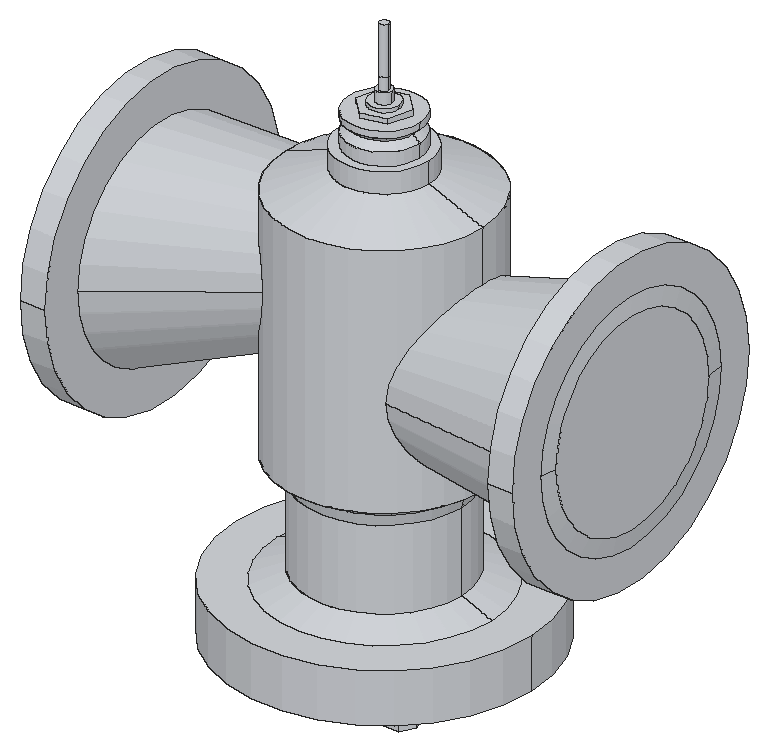
Revit family "2FGB-B_PN16_DN150_RFA_2019", category Pipe Accessories, Revit 2019
Family settings
  Round Connector Dimension = Use Diameter
  Part Type = Valve - Breaks Into
  Work Plane-Based = No
  Always vertical = Yes
  Cut with Voids When Loaded = No
  Shared = No
Parameters (values of type "2FGB-B PN16 DN150")
  magiProductId = ""
  magiProductFamilyId = ""
  magiPartTypeId = 306
  isMeasuringValve [instance] = no
  ang2D [instance] = 0.00°
  Z9 = 4.2 mm
  Z8 = 5.7 mm
  Z7 = 3 mm
  Z6 = 6 mm
  Z5 = 6 mm
  Z4 = 12 mm
  Z3 = 227.45 mm
  Z19 = 9.9 mm
  Z15 = 54.95 mm
  Z14__ve = -Z14  # -19.625 mm
  Z14 = 19.625 mm
  Z13 = 10.97 mm
  Z12 = 76.79 mm
  Z10 = 5.1 mm
  X4 = 47.6 mm
  X2__ve = -X2  # -23.8 mm
  X2 = 23.8 mm
  X1 = 2 mm
  W2D = 150 mm
  VersionID = ""
  Use Minimum Symbol Size [instance] = yes
  URL = "www.hydronix.cz"
  Type Comments = "Přírubový; EQM charakteristika; PN16; -10~+150°C; tlakově vyvážená kuželka"
  R9 = 4 mm
  R7 = 13.88 mm
  R6 = 23.134 mm
  R5 = 27.418 mm
  R4 = 34.272 mm
  R3 = 42.84 mm
  R2 = 77.625 mm
  R13 = 74.52 mm
  R12 = 7.287 mm
  R1 = 62.1 mm
  QmdConnectorList = "301;D;302;D"
  Productdata [instance] = "2FGB150B (DN150; PN16; kvs300; tlakově vyvážená kuželka)"
  Manufacturer = "Hydronix"
  Maintenance Zone Under Depth [instance] = 207 mm
  Maintenance Zone Right Depth [instance] = 175 mm
  Maintenance Zone Over Depth [instance] = 221 mm
  Maintenance Zone Left Depth [instance] = 175 mm
  Maintenance Zone Front Depth [instance] = 110 mm
  Maintenance Zone Back Depth [instance] = 110 mm
  Maintenance Zone Front Visibility [instance] = no
  LT2 = 240 mm
  L2D_Min = 3048 mm
  L2D = 480 mm
  HCDT2 = 103.5 mm
  H4 = 277 mm
  H3 = 157 mm
  H2 = 45 mm
  FDT2 = 142.5 mm
  Description = "2 cestný regulační ventil přírubový; DN150; PN16; kvs300; zdvih 45mm"
  D4 = 92.65 mm
  D3 = 109 mm
  D2 = 95.2 mm
  D = 150 mm
  CenSd_R6_6 = R6 * cos(30.00°)  # 20.034 mm
  CenSd_A_6 = A * cos(30.00°)  # 12.341 mm
  Clearance Zone Height Depth [instance] = 221 mm
  CZONC [instance] = 175 mm
  Clearance Zone Visibility [instance] = no
  B1 = 84.853 mm
  A = 14.25 mm
Types (5, lengths in mm): name | Z9 | Z8 | Z6 | Z5 | Z4 | Z3 | Z19 | Z15 | Z14__ve | Z14 | Z13 | Z12 | Z10 | X4 | X2__ve | X2 | W2D | R7 | R6 | R5 | R4 | R3 | R2 | R13 | R12 | R1 | Productdata | LT2 | L2D | HCDT2 | H4 | H3 | H2 | FDT2 | Description | D4 | D3 | D2 | D | CenSd_R6_6 | CenSd_A_6 | B1 | A
  2FGB-B PN16 DN100 | 4.165 | 5.602 | 5.95 | 5.95 | 11.9 | 168.575 | 9.767 | 40.775 | -14.562 | 14.562 | 8.12 | 56.84 | 5.082 | 34.6 | -17.3 | 17.3 | 100 | 10.089 | 16.816 | 19.93 | 24.912 | 31.14 | 57.375 | 55.08 | 5.297 | 45.9 | "2FGB100B (DN100; PN16; kvs130; tlakově vyvážená kuželka)" | 175 | 350 | 76.5 | 207 | 116.5 | 45 | 110 | "2 cestný regulační ventil přírubový; DN100; PN16; kvs130; zdvih 45mm" | 68.85 | 81 | 69.2 | 100 | 14.563 | 9.526 | 63.64 | 11
  2FGB-B PN16 DN080 | 4.2 | 5.7 | 6 | 6 | 12 | 151.95 | 9.9 | 36.75 | -13.125 | 13.125 | 7.32 | 51.24 | 5.1 | 30.6 | -15.3 | 15.3 | 80 | 8.923 | 14.872 | 17.626 | 22.032 | 27.54 | 49.875 | 47.88 | 4.685 | 39.9 | "2FGB80B (DN80; PN16; kvs100; tlakově vyvážená kuželka)" | 155 | 310 | 66.5 | 187 | 105 | 45 | 100 | "2 cestný regulační ventil přírubový; DN80; PN16; kvs100; zdvih 45mm" | 60.35 | 71 | 61.2 | 80 | 12.879 | 8.66 | 56.569 | 10
  2FGB-B PN16 DN065 | 4.2 | 5.7 | 6 | 6 | 12 | 139.45 | 9.9 | 33.25 | -11.875 | 11.875 | 6.82 | 47.74 | 5.1 | 28.6 | -14.3 | 14.3 | 65 | 8.34 | 13.9 | 16.474 | 20.592 | 25.74 | 44.25 | 42.48 | 4.378 | 35.4 | "2FGB65B (DN65; PN16; kvs63; tlakově vyvážená kuželka)" | 145 | 290 | 59 | 175 | 95 | 25 | 92.5 | "2 cestný regulační ventil přírubový; DN65; PN16; kvs63; zdvih 25mm" | 53.975 | 63.5 | 57.2 | 65 | 12.037 | 8.011 | 51.265 | 9.25
  2FGB-B PN16 DN150 | 4.2 | 5.7 | 6 | 6 | 12 | 227.45 | 9.9 | 54.95 | -19.625 | 19.625 | 10.97 | 76.79 | 5.1 | 47.6 | -23.8 | 23.8 | 150 | 13.88 | 23.134 | 27.418 | 34.272 | 42.84 | 77.625 | 74.52 | 7.287 | 62.1 | "2FGB150B (DN150; PN16; kvs300; tlakově vyvážená kuželka)" | 240 | 480 | 103.5 | 277 | 157 | 45 | 142.5 | "2 cestný regulační ventil přírubový; DN150; PN16; kvs300; zdvih 45mm" | 92.65 | 109 | 95.2 | 150 | 20.034 | 12.341 | 84.853 | 14.25
  2FGB-B PN16 DN125 | 4.2 | 5.7 | 6 | 6 | 12 | 196.45 | 9.9 | 48.65 | -17.375 | 17.375 | 9.22 | 64.54 | 5.1 | 39.6 | -19.8 | 19.8 | 125 | 11.547 | 19.246 | 22.81 | 28.512 | 35.64 | 68.625 | 65.88 | 6.062 | 54.9 | "2FGB125B (DN125; PN16; kvs200; tlakově vyvážená kuželka)" | 200 | 400 | 91.5 | 234 | 139 | 45 | 125 | "2 cestný regulační ventil přírubový; DN125; PN16; kvs200; zdvih 45mm" | 81.6 | 96 | 79.2 | 125 | 16.667 | 10.825 | 74.246 | 12.5
Reference planes
  plane 1 "Center (Front/Back)": y = 0
  plane 2 "XYPLANE": z = 0
  plane 3 "Center (Left/Right)": x = 0
  plane 4 "234": y = -84.853
  plane 5 "233": x = 84.853
  plane 6 "232": x = -84.853
  plane 7 "231": y = 84.853
  plane 8 "225": z = -267
  plane 9 "223": z = 221
  plane 10 "221": x = -175
  plane 11 "220": x = 175
  plane 12 "219": y = -110
  plane 13 "218": y = 110
  plane 14 "196": z = -207
  plane 15 "182": z = 217
  plane 16 "161": z = 205
  plane 17 "158": z = 199.3
  plane 18 "150": z = 195.1
  plane 19 "148": z = 192.1
  plane 20 "142": z = 187
  plane 21 "136": z = 181
  plane 22 "135": z = 175
  plane 23 "131": z = 169
  plane 24 "78": z = 117.75
  plane 25 "77": z = 137.375
  plane 26 "74": z = 157
  plane 27 "70": z = -109.7
  plane 28 "65": z = -120.67
  plane 29 "64": z = -131.64
  plane 30 "58": z = -208.43
  plane 31 "57": z = -219.4
  plane 32 "46": z = -277
  plane 33 "28": x = 214.2
  plane 34 "27": x = 238
  plane 35 "21": z = -20
  plane 36 "16": z = 54.95
  plane 37 "13": x = -214.2
  plane 38 "7": x = -238
  plane 39 "6": x = 240
  plane 40 "5": x = -240
  plane 41 "3": y = 0
  plane 42 "2": z = 0
  plane 43 "1": x = 0
Forms (mm)
  Extrusion 1, solid
    sketch origin (-750, 0, -277) x (1, 0, 0) y (0, 1, 0)
      loop
        line (849.103, -84.853) -> (841.978, -72.512) -> (827.728, -72.512) -> (820.603, -84.853) -> (827.728, -97.194) -> (841.978, -97.194) -> (849.103, -84.853)
    from 0 to 10
  Extrusion 2, solid
    sketch origin (-750, 0, -277) x (1, 0, 0) y (0, 1, 0)
      loop
        line (679.397, -84.853) -> (672.272, -72.512) -> (658.022, -72.512) -> (650.897, -84.853) -> (658.022, -97.194) -> (672.272, -97.194) -> (679.397, -84.853)
    from 0 to 10
  Extrusion 3, solid
    sketch origin (-750, 0, -277) x (1, 0, 0) y (0, 1, 0)
      loop
        line (849.103, 84.853) -> (841.978, 97.194) -> (827.728, 97.194) -> (820.603, 84.853) -> (827.728, 72.512) -> (841.978, 72.512) -> (849.103, 84.853)
    from 0 to 10
  Extrusion 4, solid
    sketch origin (-750, 0, -277) x (1, 0, 0) y (0, 1, 0)
      loop
        line (679.397, 84.853) -> (672.272, 97.194) -> (658.022, 97.194) -> (650.897, 84.853) -> (658.022, 72.512) -> (672.272, 72.512) -> (679.397, 84.853)
    from 0 to 10
  Blend 5, solid, visible <- "Maintenance Zone Front Visibility"
    base sketch origin (-750, 0, 221) x (1, 0, 0) y (0, 1, 0)
      loop
        line (575, 110) -> (575, -110) -> (925, -110) -> (925, 110) -> (575, 110)
    top sketch origin (-750, 0, 221) x (1, 0, 0) y (0, 1, 0)
      loop
        line (575, 110) -> (575, -110) -> (925, -110) -> (925, 110) -> (575, 110)
    from 0 to -428
  Extrusion 6, solid, visible <- "Clearance Zone Visibility"
    sketch origin (-750, 0, 0) x (1, 0, 0) y (0, 1, 0)
      loop
        circle (750, 0) r 175
    from 0 to 221 <- "Clearance Zone Height Depth"
  Extrusion 7, solid
    sketch origin (-750, 0, 195.1) x (1, 0, 0) y (0, 1, 0)
      loop
        circle (750, 0) r 7.287
    from 0 to 9.9 <- "Z19"
  Extrusion 8, solid
    sketch origin (-750, 0, 217) x (1, 0, 0) y (0, 1, 0)
      loop
        circle (750, 0) r 4
    from 0 to 45 <- "H2"
  Extrusion 9, solid
    sketch origin (-750, 0, 205) x (1, 0, 0) y (0, 1, 0)
      loop
        circle (750, 0) r 4
    from 0 to 12 <- "Z4"
  Extrusion 10, solid
    sketch origin (-750, 0, 192.1) x (1, 0, 0) y (0, 1, 0)
      loop
        circle (750, 0) r 13.88
    from 0 to 3 <- "Z7"
  Extrusion 11, solid
    sketch origin (-750, 0, 187) x (1, 0, 0) y (0, 1, 0)
      loop
        line (766.358, -16.358) -> (772.345, 5.987) -> (755.987, 22.345) -> (733.642, 16.358) -> (727.655, -5.987) -> (744.013, -22.345) -> (766.358, -16.358)
    from 0 to 5.1 <- "Z10"
  Extrusion 12, solid
    sketch origin (-750, 0, 181) x (1, 0, 0) y (0, 1, 0)
      loop
        circle (750, 0) r 34.272
    from 0 to 6 <- "Z6"
  Blend 13, solid
    base sketch origin (-750, 0, 175) x (1, 0, 0) y (0, 1, 0)
      loop
        circle (750, 0) r 27.418
    top sketch origin (-750, 0, 175) x (1, 0, 0) y (0, 1, 0)
      loop
        circle (750, 0) r 34.272
    from 0 to 6
  Blend 14, solid
    base sketch origin (-750, 0, 169) x (1, 0, 0) y (0, 1, 0)
      loop
        circle (750, 0) r 34.272
    top sketch origin (-750, 0, 169) x (1, 0, 0) y (0, 1, 0)
      loop
        circle (750, 0) r 27.418
    from 0 to 6
  Extrusion 15, solid
    sketch origin (-750, 0, 157) x (1, 0, 0) y (0, 1, 0)
      loop
        circle (750, 0) r 34.272
    from 0 to 12 <- "Z4"
  Extrusion 16, solid
    sketch origin (-750, 0, 157) x (1, 0, 0) y (0, 1, 0)
      loop
        circle (750, 0) r 42.84
    from 0 to -19.625 <- "Z14__ve"
  Blend 17, solid
    base sketch origin (-750, 0, 117.75) x (1, 0, 0) y (0, 1, 0)
      loop
        circle (750, 0) r 95.2
    top sketch origin (-750, 0, 117.75) x (1, 0, 0) y (0, 1, 0)
      loop
        circle (750, 0) r 42.84
    from 0 to 19.625
  Blend 18, solid
    base sketch origin (-750, 0, -120.67) x (1, 0, 0) y (0, 1, 0)
      loop
        circle (750, 0) r 77.625
    top sketch origin (-750, 0, -120.67) x (1, 0, 0) y (0, 1, 0)
      loop
        circle (750, 0) r 95.2
    from 0 to 10.97
  Blend 19, solid
    base sketch origin (-750, 0, -131.64) x (1, 0, 0) y (0, 1, 0)
      loop
        circle (750, 0) r 74.52
    top sketch origin (-750, 0, -131.64) x (1, 0, 0) y (0, 1, 0)
      loop
        circle (750, 0) r 77.625
    from 0 to 10.97
  Extrusion 20, solid
    sketch origin (-750, 0, -208.43) x (1, 0, 0) y (0, 1, 0)
      loop
        circle (750, 0) r 74.52
    from 0 to 76.79 <- "Z12"
  Blend 21, solid
    base sketch origin (-750, 0, -219.4) x (1, 0, 0) y (0, 1, 0)
      loop
        circle (750, 0) r 103.5
    top sketch origin (-750, 0, -219.4) x (1, 0, 0) y (0, 1, 0)
      loop
        circle (750, 0) r 74.52
    from 0 to 10.97
  Extrusion 22, solid
    sketch origin (-750, 0, -267) x (1, 0, 0) y (0, 1, 0)
      loop
        circle (750, 0) r 142.5
    from 0 to 47.6 <- "X4"
  Blend 23, solid
    base sketch origin (238, -750, 0) x (0, 1, 0) y (0, 0, 1)
      loop
        circle (750, 0) r 109
    top sketch origin (238, -750, 0) x (0, 1, 0) y (0, 0, 1)
      loop
        circle (750, 0) r 92.65
    from 0 to 2
  Blend 24, solid
    base sketch origin (-240, -750, 0) x (0, 1, 0) y (0, 0, 1)
      loop
        circle (750, 0) r 92.65
    top sketch origin (-240, -750, 0) x (0, 1, 0) y (0, 0, 1)
      loop
        circle (750, 0) r 109
    from 0 to 2
  Extrusion 25, solid
    sketch origin (238, -750, 0) x (0, 1, 0) y (0, 0, 1)
      loop
        circle (750, 0) r 142.5
    from 0 to -23.8 <- "X2__ve"
  Blend 26, solid
    base sketch origin (0, -750, 0) x (0, 1, 0) y (0, 0, 1)
      loop
        circle (750, -20) r 62.1
    top sketch origin (0, -750, 0) x (0, 1, 0) y (0, 0, 1)
      loop
        circle (750, 0) r 103.5
    from 0 to 214.2
  Extrusion 27, solid
    sketch origin (-750, 0, -109.7) x (1, 0, 0) y (0, 1, 0)
      loop
        circle (750, 0) r 95.2
    from 0 to 227.45 <- "Z3"
  Blend 28, solid
    base sketch origin (-214.2, -750, 0) x (0, 1, 0) y (0, 0, 1)
      loop
        circle (750, 0) r 103.5
    top sketch origin (-214.2, -750, 0) x (0, 1, 0) y (0, 0, 1)
      loop
        circle (750, 54.95) r 62.1
    from 0 to 214.2
  Extrusion 29, solid
    sketch origin (-238, -750, 0) x (0, 1, 0) y (0, 0, 1)
      loop
        circle (750, 0) r 142.5
    from 0 to 23.8 <- "X2"
  Extrusion 30, solid, not visible
    sketch origin (240, -750, 0) x (0, 1, 0) y (0, 0, 1)
      loop
        circle (750, 0) r 10
    from 0 to -10
  Extrusion 31, solid, not visible
    sketch origin (-240, -750, 0) x (0, 1, 0) y (0, 0, 1)
      loop
        circle (750, 0) r 10
    from 0 to 10
Lines and regions (mm)
  reference lines, not visible
    curve 1: circle (2, 2, 0) r 1 normal (0, 0, 1)
  reference lines
    curve 2: line (84.853, -84.853, -277) -> (82.103, -80.09, -277)
    curve 3: line (84.853, -84.853, -277) -> (79.353, -84.853, -277)
    curve 4: line (84.853, -84.853, -277) -> (82.103, -89.616, -277)
    curve 5: line (-84.853, -84.853, -277) -> (-87.603, -80.09, -277)
    curve 6: line (-84.853, -84.853, -277) -> (-90.353, -84.853, -277)
    curve 7: line (-84.853, -84.853, -277) -> (-87.603, -89.616, -277)
    curve 8: line (84.853, 84.853, -277) -> (82.103, 89.616, -277)
    curve 9: line (84.853, 84.853, -277) -> (79.353, 84.853, -277)
    curve 10: line (84.853, 84.853, -277) -> (82.103, 80.09, -277)
    curve 11: line (-84.853, 84.853, -277) -> (-87.603, 89.616, -277)
    curve 12: line (-84.853, 84.853, -277) -> (-90.353, 84.853, -277)
    curve 13: line (-84.853, 84.853, -277) -> (-87.603, 80.09, -277)
    curve 14: line (0, 0, 187) -> (2.176, 8.121, 187)
    curve 15: line (0, 0, 187) -> (-5.945, 5.945, 187)
    curve 16: line (0, 0, 187) -> (-8.121, -2.176, 187)
Dimensions and locks
  plane 1 "Center (Front/Back)" to curve 1 = 2 mm
  "B1": plane 1 "Center (Front/Back)" to plane 4 "234"
  "B1": plane 3 "Center (Left/Right)" to plane 5 "233"
  "B1": plane 3 "Center (Left/Right)" to plane 6 "232"
  "B1": plane 1 "Center (Front/Back)" to plane 7 "231"
  locked: plane 32 "46" to plane 8 "225" at 10
  "Maintenance Zone Over Depth": plane 2 "XYPLANE" to plane 9 "223"
  "Maintenance Zone Left Depth": plane 3 "Center (Left/Right)" to plane 10 "221"
  "Maintenance Zone Right Depth": plane 3 "Center (Left/Right)" to plane 11 "220"
  "Maintenance Zone Front Depth": plane 1 "Center (Front/Back)" to plane 12 "219"
  "Maintenance Zone Back Depth": plane 1 "Center (Front/Back)" to plane 13 "218"
  "Maintenance Zone Under Depth": plane 2 "XYPLANE" to plane 14 "196"
  "Z4": plane 16 "161" to plane 15 "182"
  "Z8": plane 17 "158" to plane 16 "161"
  "Z9": plane 18 "150" to plane 17 "158"
  "Z7": plane 19 "148" to plane 18 "150"
  "Z10": plane 20 "142" to plane 19 "148"
  "Z6": plane 21 "136" to plane 20 "142"
  "Z5": plane 22 "135" to plane 21 "136"
  "Z5": plane 23 "131" to plane 22 "135"
  "Z4": plane 26 "74" to plane 23 "131"
  "Z14": plane 25 "77" to plane 24 "78"
  "Z14": plane 26 "74" to plane 25 "77"
  "H3": plane 2 "XYPLANE" to plane 26 "74"
  "Z13": plane 28 "65" to plane 27 "70"
  "Z13": plane 29 "64" to plane 28 "65"
  "Z12": plane 30 "58" to plane 29 "64"
  "Z13": plane 31 "57" to plane 30 "58"
  "X4": plane 8 "225" to plane 31 "57"
  "H4": plane 2 "XYPLANE" to plane 32 "46"
  "X2": plane 34 "27" to plane 33 "28"
  "X1": plane 39 "6" to plane 34 "27"
  locked: plane 42 "2" to plane 35 "21" at 20
  "Z15": plane 42 "2" to plane 36 "16"
  "X2": plane 38 "7" to plane 37 "13"
  "X1": plane 40 "5" to plane 38 "7"
  "LT2": plane 3 "Center (Left/Right)" to plane 39 "6"
  "LT2": plane 3 "Center (Left/Right)" to plane 40 "5"
  locked: plane 1 "Center (Front/Back)" to plane 41 "3"
  locked: plane 2 "XYPLANE" to plane 42 "2"
  locked: plane 3 "Center (Left/Right)" to plane 43 "1"
  "CenSd_A_6": curve 2 to Extrusion 1 sketch curve  (x2)
  "CenSd_A_6": curve 3 to Extrusion 1 sketch curve  (x2)
  "CenSd_A_6": curve 4 to Extrusion 1 sketch curve  (x2)
  "CenSd_A_6": curve 5 to Extrusion 2 sketch curve  (x2)
  "CenSd_A_6": curve 6 to Extrusion 2 sketch curve  (x2)
  "CenSd_A_6": curve 7 to Extrusion 2 sketch curve  (x2)
  "CenSd_A_6": curve 8 to Extrusion 3 sketch curve  (x2)
  "CenSd_A_6": curve 9 to Extrusion 3 sketch curve  (x2)
  "CenSd_A_6": curve 10 to Extrusion 3 sketch curve  (x2)
  "CenSd_A_6": curve 11 to Extrusion 4 sketch curve  (x2)
  "CenSd_A_6": curve 12 to Extrusion 4 sketch curve  (x2)
  "CenSd_A_6": curve 13 to Extrusion 4 sketch curve  (x2)
  "CenSd_R6_6": curve 14 to Extrusion 11 sketch curve  (x2)
  "CenSd_R6_6": curve 15 to Extrusion 11 sketch curve  (x2)
  "CenSd_R6_6": curve 16 to Extrusion 11 sketch curve  (x2)
  "CZONC": radius of Extrusion 6 sketch curve
  "R12": radius of Extrusion 7 sketch curve
  "R9": radius of Extrusion 8 sketch curve
  "R9": radius of Extrusion 9 sketch curve
  "R7": radius of Extrusion 10 sketch curve
  "R4": radius of Extrusion 12 sketch curve
  "R4": radius of Blend 13 sketch curve
  "R5": radius of Blend 13 sketch curve
  "R5": radius of Blend 14 sketch curve
  "R4": radius of Blend 14 sketch curve
  "R4": radius of Extrusion 15 sketch curve
  "R3": radius of Extrusion 16 sketch curve
  "R3": radius of Blend 17 sketch curve
  "D2": radius of Blend 17 sketch curve
  "D2": radius of Blend 18 sketch curve
  "R2": radius of Blend 18 sketch curve
  "R2": radius of Blend 19 sketch curve
  "R13": radius of Blend 19 sketch curve
  "R13": radius of Extrusion 20 sketch curve
  "R13": radius of Blend 21 sketch curve
  "HCDT2": radius of Blend 21 sketch curve
  "FDT2": radius of Extrusion 22 sketch curve
  "D4": radius of Blend 23 sketch curve
  "D3": radius of Blend 23 sketch curve
  "D3": radius of Blend 24 sketch curve
  "D4": radius of Blend 24 sketch curve
  "FDT2": radius of Extrusion 25 sketch curve
  "HCDT2": radius of Blend 26 sketch curve
  "R1": radius of Blend 26 sketch curve
  "D2": radius of Extrusion 27 sketch curve
  "R1": radius of Blend 28 sketch curve
  "HCDT2": radius of Blend 28 sketch curve
  "FDT2": radius of Extrusion 29 sketch curve
  locked: curve 3 to curve 2 (angle 60.00°)
  locked: curve 4 to curve 3 (angle 60.00°)
  locked: curve 4 to curve 2 (angle 120.00°)
  locked: curve 6 to curve 5 (angle 60.00°)
  locked: curve 7 to curve 6 (angle 60.00°)
  locked: curve 7 to curve 5 (angle 120.00°)
  locked: curve 9 to curve 8 (angle 60.00°)
  locked: curve 10 to curve 9 (angle 60.00°)
  locked: curve 10 to curve 8 (angle 120.00°)
  locked: curve 12 to curve 11 (angle 60.00°)
  locked: curve 13 to curve 12 (angle 60.00°)
  locked: curve 13 to curve 11 (angle 120.00°)
  locked: curve 15 to curve 14 (angle 60.00°)
  locked: curve 16 to curve 15 (angle 60.00°)
  locked: curve 16 to curve 14 (angle 120.00°)
  aligned and locked: level to plane 2 "XYPLANE"
  aligned and locked: plane 4 "234" to curve 2
  aligned and locked: plane 5 "233" to curve 2
  aligned and locked: plane 4 "234" to curve 5
  aligned and locked: plane 6 "232" to curve 5
  aligned and locked: plane 5 "233" to curve 8
  aligned and locked: plane 7 "231" to curve 8
  aligned and locked: plane 6 "232" to curve 11
  aligned and locked: plane 7 "231" to curve 11
  aligned and locked: plane 13 "218" to Blend 5 sketch curve  (x4)
  aligned and locked: plane 12 "219" to Blend 5 sketch curve  (x4)
  aligned and locked: plane 10 "221" to Blend 5 sketch curve  (x4)
  aligned and locked: plane 11 "220" to Blend 5 sketch curve  (x4)
  aligned and locked: Blend 5 to plane 14 "196"
  aligned and locked: plane 41 "3" to Extrusion 6 sketch curve
  aligned and locked: plane 43 "1" to Extrusion 6 sketch curve
  aligned and locked: plane 41 "3" to Extrusion 7 sketch curve
  aligned and locked: plane 43 "1" to Extrusion 7 sketch curve
  aligned and locked: plane 41 "3" to Extrusion 8 sketch curve
  aligned and locked: plane 43 "1" to Extrusion 8 sketch curve
  aligned and locked: plane 41 "3" to Extrusion 9 sketch curve
  aligned and locked: plane 43 "1" to Extrusion 9 sketch curve
  aligned and locked: plane 41 "3" to Extrusion 10 sketch curve
  aligned and locked: plane 43 "1" to Extrusion 10 sketch curve
  aligned and locked: plane 41 "3" to curve 14
  aligned and locked: plane 43 "1" to curve 14
  aligned and locked: plane 41 "3" to Extrusion 12 sketch curve
  aligned and locked: plane 43 "1" to Extrusion 12 sketch curve
  aligned and locked: plane 41 "3" to Blend 13 sketch curve  (x2)
  aligned and locked: plane 43 "1" to Blend 13 sketch curve  (x2)
  aligned and locked: plane 21 "136" to Blend 13
  aligned and locked: plane 41 "3" to Blend 14 sketch curve  (x2)
  aligned and locked: plane 43 "1" to Blend 14 sketch curve  (x2)
  aligned and locked: plane 22 "135" to Blend 14
  aligned and locked: plane 41 "3" to Extrusion 15 sketch curve
  aligned and locked: plane 43 "1" to Extrusion 15 sketch curve
  aligned and locked: plane 41 "3" to Extrusion 16 sketch curve
  aligned and locked: plane 43 "1" to Extrusion 16 sketch curve
  aligned and locked: plane 41 "3" to Blend 17 sketch curve  (x2)
  aligned and locked: plane 43 "1" to Blend 17 sketch curve  (x2)
  aligned and locked: plane 25 "77" to Blend 17
  aligned and locked: plane 41 "3" to Blend 18 sketch curve  (x2)
  aligned and locked: plane 43 "1" to Blend 18 sketch curve  (x2)
  aligned and locked: plane 27 "70" to Blend 18
  aligned and locked: plane 41 "3" to Blend 19 sketch curve  (x2)
  aligned and locked: plane 43 "1" to Blend 19 sketch curve  (x2)
  aligned and locked: plane 28 "65" to Blend 19
  aligned and locked: plane 41 "3" to Extrusion 20 sketch curve
  aligned and locked: plane 43 "1" to Extrusion 20 sketch curve
  aligned and locked: plane 41 "3" to Blend 21 sketch curve  (x2)
  aligned and locked: plane 43 "1" to Blend 21 sketch curve  (x2)
  aligned and locked: plane 30 "58" to Blend 21
  aligned and locked: plane 41 "3" to Extrusion 22 sketch curve
  aligned and locked: plane 43 "1" to Extrusion 22 sketch curve
  aligned and locked: Blend 23 sketch curve to plane 41 "3"  (x2)
  aligned and locked: plane 42 "2" to Blend 23 sketch curve  (x2)
  aligned and locked: plane 39 "6" to Blend 23
  aligned and locked: Blend 24 sketch curve to plane 41 "3"  (x2)
  aligned and locked: plane 42 "2" to Blend 24 sketch curve  (x2)
  aligned and locked: plane 38 "7" to Blend 24
  aligned and locked: Extrusion 25 sketch curve to plane 41 "3"
  aligned and locked: plane 42 "2" to Extrusion 25 sketch curve
  aligned and locked: Blend 26 sketch curve to plane 41 "3"  (x2)
  aligned and locked: plane 42 "2" to Blend 26 sketch curve
  aligned and locked: plane 35 "21" to Blend 26 sketch curve
  aligned and locked: plane 33 "28" to Blend 26
  aligned and locked: plane 41 "3" to Extrusion 27 sketch curve
  aligned and locked: plane 43 "1" to Extrusion 27 sketch curve
  aligned and locked: plane 36 "16" to Blend 28 sketch curve
  aligned and locked: plane 41 "3" to Blend 28 sketch curve
  aligned and locked: Blend 28 sketch curve to plane 41 "3"
  aligned and locked: plane 42 "2" to Blend 28 sketch curve
  aligned and locked: plane 43 "1" to Blend 28
  aligned and locked: Extrusion 29 sketch curve to plane 41 "3"
  aligned and locked: plane 42 "2" to Extrusion 29 sketch curve
  aligned and locked: Extrusion 30 sketch curve to plane 41 "3"
  aligned and locked: plane 42 "2" to Extrusion 30 sketch curve
  aligned and locked: Extrusion 31 sketch curve to plane 41 "3"
  aligned and locked: plane 42 "2" to Extrusion 31 sketch curve
Automatic sketch dimensions
  plane 1 "Center (Front/Back)" to curve 16 = 2.176 mm
  plane 1 "Center (Front/Back)" to Extrusion 30 sketch curve = 10 mm
  plane 1 "Center (Front/Back)" to Extrusion 31 sketch curve = 10 mm
  plane 3 "Center (Left/Right)" to curve 1 = 2 mm
  radius of curve 1 = 1 mm
Connectors
  piping at (-240, 0, 0), diameter 150, driven by "D"
    settings: on Extrusion 31, index 1, connector inside diameter 609.6 mm, connector length 0 mm, flow factor 0, pipe flow 0.0 L/s, pressure drop 0.0 Pa, fitting loss kfactor 0, connector angle 0.00°, fixture units 0, engagement length 0 mm, angle of deflection 0.00°, flow configuration 0, flow direction 0, fitting loss method 0, system type 29, joint type 0, gender type 0, connector reference index 2, connector utility 0, adjustable connector no, is connector primary yes, connector description ""
  piping at (240, 0, 0), diameter 150, driven by "D"
    settings: on Extrusion 30, index 2, connector inside diameter 609.6 mm, connector length 0 mm, flow factor 0, pipe flow 0.0 L/s, pressure drop 0.0 Pa, fitting loss kfactor 0, connector angle 0.00°, fixture units 0, engagement length 0 mm, angle of deflection 0.00°, flow configuration 0, flow direction 0, fitting loss method 0, system type 29, joint type 0, gender type 0, connector reference index 1, connector utility 0, adjustable connector no, is connector primary no, connector description ""
